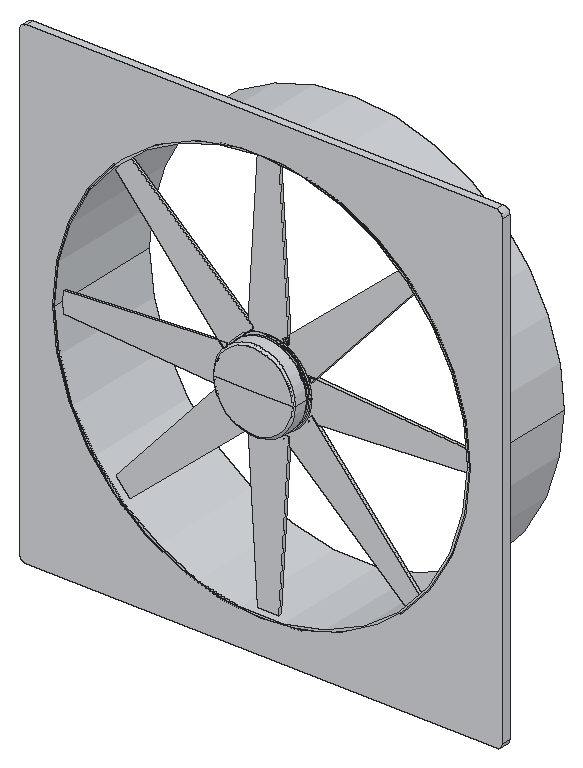
Revit family "CADS_Vent-Axia_MechEquip_Fan_ESP_3Ph8P - SUPPLY", category Mechanical Equipment, Revit 2020
Family settings
  Round Connector Dimension = Use Diameter
  Part Type = Normal
  OmniClass Number = 23.75.00.00
  OmniClass Title = Climate Control (HVAC)
  Work Plane-Based = No
  Always vertical = Yes
  Cut with Voids When Loaded = No
  Shared = No
  Room Calculation Point = No
Parameters (values of type "T100_ESP100038")
  WorkingPressure = 0.0 Pa
  WarrantyStartDate [instance] = "1900-12-31T23:59:59"
  WarrantyPeriod = ""
  WarrantyIdentifier = "N/A"
  WarrantyGuarantorParts = "tech@vent-axia.com"
  WarrantyGuarantorLabor = "tech@vent-axia.com"
  WarrantyGuarantor = "Vent-Axia Limited"
  WarrantyEndDate [instance] = "1900-12-31T23:59:59"
  WarrantyContent = ""
  TemperatureRange = ""
  TagNumber [instance] = "N/A"
  SustainabilityPerformance = ""
  Status = "New"
  Size = ""
  Shape = ""
  ServiceLifeType = ""
  ServiceLifeDuration = ""
  SerialNumber [instance] = "N/A"
  ReplacementCost = ""
  RatedVoltage = 0 V
  RatedCurrent = 0 A
  Quantity = 1
  ProductionYear = ""
  PressureCurve = ""
  PowerFactor = ""
  PointOfContact = ""
  NumberOfPoles = 0
  NominalWidth = 1170 mm
  NominalLength = 284 mm
  NominalHeight = 1170 mm
  NominalFrequencyRange = ""
  NominalDiameter = 1000 mm
  ModelReference = "AXIAL PLATE FAN 1000DIA 3PH 8 POLE"
  ModelNumber = "T100_ESP100038"
  Material = ""
  ManufacturerE-Mail = "tech@vent-axia.com"
  ManufacturerAddress = "Fleming Way\nCrawley \nRH10 9YX"
  IsExtendedWarranty = no
  InsulationStandardClass = ""
  InstallationDate [instance] = "1900-12-31T23:59:59"
  IfcExportType [instance] = ""
  IfcExportAs = "IfcFanType"
  IP_Code = ""
  HasProtectiveEarth = no
  GrossWeight = 0.00 kg
  Grade = ""
  GlobalTradeItemNumber [instance] = "N/A"
  G = 20 mm
  Fitting Type = "Ignore"
  Finish = ""
  Features = ""
  ExteriorInsulation = no
  ExpectedServiceLife = 0
  Exclusions = ""
  E = 40 mm
  DurationUnit = "Year"
  Default Elevation = 0 mm
  Constituents = ""
  ConductorFunction = ""
  Color = ""
  CodePerformance = ""
  Category = ""
  CADS_Usage = 0
  CADS_Index = 0
  AssetType = "FIXED"
  AssetIdentifier [instance] = "N/A"
  AssemblyPlace = "UNKNOWN"
  ArticleNumber [instance] = "N/A"
  AirflowRateRange = 0.0 L/s
  Air Flow [instance] = 0.0 L/s
  AccessibilityPerformance = ""
  A = 1170 mm
Types (3, lengths in mm): name | NominalWidth | NominalLength | NominalHeight | NominalDiameter | ModelReference | ModelNumber | G | E | A
  T100_ESP100038 | 1170 | 284 | 1170 | 1000 | "AXIAL PLATE FAN 1000DIA 3PH 8 POLE" | "T100_ESP100038" | 20 | 40 | 1170
  T100_ESP63038 | 805 | 142.5 | 805 | 630 | "AXIAL PLATE FAN 630DIA 3PH 8 POLE" | "T100_ESP63038" | 20 | 82 | 805
  T100_ESP80038 | 970 | 244 | 970 | 800 | "AXIAL PLATE FAN 800DIA 3PH 8 POLE" | "T100_ESP80038" | 17 | 34 | 970
Reference planes
  plane 1 "Center (Front/Back)": y = 0
  plane 2: z = 0
  plane 3 "Center (Left/Right)": x = 0
  plane 4: x = -500
  plane 5: x = 500
  plane 6 "F": y = -20
  plane 7 "B": y = 264
  plane 8: x = -585
  plane 9: x = -505
  plane 10 "top": z = 500
  plane 11: z = -500
  plane 12: x = 585
  plane 13: z = 585
  plane 14: z = -585
Forms (mm)
  Revolve 1, solid
    sketch origin (0, 0, 0) x (1, 0, 0) y (0, 1, 0)
      loop
        line (-505, -20) -> (-500, -20) -> (-500, 264) -> (-505, 264) -> (-505, -20)
      axis (0, 264) -> (0, -20)
    angle from 0 to 360
  Extrusion 2, solid
    sketch origin (0, 0, 0) x (1, 0, 0) y (0, 0, 1)
      loop
        arc (-570, 585) -> (-580.607, 580.607) -> (-585, 570) r 15
        line (-585, 570) -> (-585, -570)
        arc (-585, -570) -> (-580.607, -580.607) -> (-570, -585) r 15
        line (-570, -585) -> (570, -585)
        arc (570, -585) -> (580.607, -580.607) -> (585, -570) r 15
        line (585, -570) -> (585, 570)
        arc (585, 570) -> (580.607, 580.607) -> (570, 585) r 15
        line (570, 585) -> (-570, 585)
      loop
        circle (0, 0) r 505
    from 0 to 20 <- "G"
Dimensions and locks
  equal spacing: plane 4, plane 3 "Center (Left/Right)", plane 5
  "NominalLength": plane 7 "B" to plane 6 "F"
  "NominalDiameter": plane 4 to plane 5
  locked: plane 9 to plane 4 at 5
  equal spacing: plane 10 "top", level, plane 11
  "NominalDiameter": plane 10 "top" to plane 11
  equal spacing: plane 12, plane 3 "Center (Left/Right)", plane 8
  "A": plane 12 to plane 8
  equal spacing: plane 13, level, plane 14
  "A": plane 13 to plane 14
  "G": plane 6 "F" to plane 1 "Center (Front/Back)"
  aligned and locked: level to plane 2
  aligned and locked: Extrusion 2 sketch curve to Revolve 1  (x2)
Automatic sketch dimensions
  plane 6 "F" to Revolve 1 sketch curve = 0 mm
  Revolve 1 sketch curve to plane 4 = 0 mm
  Revolve 1 sketch curve to plane 3 "Center (Left/Right)" = 0 mm
  plane 1 "Center (Front/Back)" to Revolve 1 sketch curve = 0 mm
  Revolve 1 sketch curve to plane 7 "B" = 0 mm
  plane 6 "F" to Revolve 1 sketch curve = 115 mm
  Revolve 1 sketch curve to plane 9 = 0 mm
  Extrusion 2 sketch curve to plane 8 = 0 mm
  Extrusion 2 sketch curve to plane 13 = 0 mm
  Extrusion 2 sketch curve to plane 14 = 0 mm
  plane 12 to Extrusion 2 sketch curve = 0 mm
  plane 8 to Extrusion 2 sketch curve = 15 mm  (x2)
  plane 12 to Extrusion 2 sketch curve = 15 mm  (x2)
Nested families
  nested 1: "Fan for ESP" at (0, 0, 0), ND <- "NominalDiameter", BE <- "E", type "Fan for ESP"
    with hub 100 mm, ND 1000 mm, BoltPCD 80 mm, Bolt Count 8, B_Diam 10 mm, BE 40 mm
  nested 2: "ESC Blade" at (0, 0, 0), type "ESC Blade"
    with a 20.00°, HR 100 mm, HD 200 mm, BT 50 mm, BR 400 mm, BH 40 mm, BD 1000 mm, BB 100 mm
  nested 3: "ESC Blade" at (0, 0, 0) x (0.7071, 0, -0.7071) z (0.7071, 0, 0.7071), type "ESC Blade"
    with a 20.00°, HR 100 mm, HD 200 mm, BT 50 mm, BR 400 mm, BH 40 mm, BD 1000 mm, BB 100 mm
  nested 4: "ESC Blade" at (0, 0, 0) x (0, 0, -1) z (1, 0, 0), type "ESC Blade"
    with a 20.00°, HR 100 mm, HD 200 mm, BT 50 mm, BR 400 mm, BH 40 mm, BD 1000 mm, BB 100 mm
  nested 5: "ESC Blade" at (0, 0, 0) x (-0.7071, 0, -0.7071) z (0.7071, 0, -0.7071), type "ESC Blade"
    with a 20.00°, HR 100 mm, HD 200 mm, BT 50 mm, BR 400 mm, BH 40 mm, BD 1000 mm, BB 100 mm
  nested 6: "ESC Blade" at (0, 0, 0) x (-1, 0, 0) z (0, 0, -1), type "ESC Blade"
    with a 20.00°, HR 100 mm, HD 200 mm, BT 50 mm, BR 400 mm, BH 40 mm, BD 1000 mm, BB 100 mm
  nested 7: "ESC Blade" at (0, 0, 0) x (-0.7071, 0, -0.7071) z (-0.7071, 0, 0.7071), type "ESC Blade"
    with a 20.00°, HR 100 mm, HD 200 mm, BT 50 mm, BR 400 mm, BH 40 mm, BD 1000 mm, BB 100 mm
  nested 8: "ESC Blade" at (0, 0, 0) x (0, 0, -1) z (-1, 0, 0), type "ESC Blade"
    with a 20.00°, HR 100 mm, HD 200 mm, BT 50 mm, BR 400 mm, BH 40 mm, BD 1000 mm, BB 100 mm
  nested 9: "ESC Blade" at (0, 0, 0) x (0.7071, 0, -0.7071) z (-0.7071, 0, -0.7071), type "ESC Blade"
    with a 20.00°, HR 100 mm, HD 200 mm, BT 50 mm, BR 400 mm, BH 40 mm, BD 1000 mm, BB 100 mm
Connectors
  hvac at (0, -20, 0), driven by "NominalDiameter", driven by "Air Flow"
    settings: on Revolve 1, index 1, duct flow 0.0 L/s, flow factor 0, pres drop 0.0 Pa, loss coef 0, conn angle 0.00°, conn width 304.8 mm, conn height 304.8 mm, conn diameter 1000 mm, duct sys type 1, conn prof type 0, flow config 1, flow direction 1, loss method 0, conn ref index -1, conn util no, is conn primary yes, conn desc ""
  hvac at (0, 264, 0), driven by "NominalDiameter", driven by "Air Flow"
    settings: on Revolve 1, index 2, duct flow 0.0 L/s, flow factor 0, pres drop 0.0 Pa, loss coef 0, conn angle 0.00°, conn width 304.8 mm, conn height 304.8 mm, conn diameter 1000 mm, duct sys type 1, conn prof type 0, flow config 0, flow direction 2, loss method 0, conn ref index -1, conn util no, is conn primary no, conn desc ""
Definition of nested family "Fan for ESP"
  Parameters (values of type "Fan for ESP")
    hub [instance] = ND / 10  # 25.1 mm
    ND [instance] = 251 mm
    Model = "."
    Default Elevation = 0 mm
    BoltPCD [instance] = hub - (hub * 0.2)  # 20.08 mm
    Bolt Count [instance] = if(hub < 50 mm, 6, 8)  # 6
    B_Diam [instance] = if(hub < 50 mm, 5 mm, 10 mm)  # 5 mm
    BE [instance] = 84 mm
  Reference planes
    plane 1 "Center (Front/Back)": y = 0
    plane 2: z = 0
    plane 3 "Center (Left/Right)": x = 0
    plane 4 "back": y = 20
    plane 5 "boss": y = -89
    plane 6 "B": z = 25.1
    plane 7: x = -30.1
    plane 8: x = -25.1
    plane 9 "hubface": y = -5
    plane 10: x = -20.1
    plane 11: y = -84
  Forms (mm)
    Revolve 1, solid
      sketch origin (0, 0, 0) x (1, 0, 0) y (0, 1, 0)
        loop
          line (0, -5) -> (0, 10.504) -> (-30.1, 10.504) -> (-30.1, -2.597) -> (-25.1, -2.597) -> (-25.1, -5) -> (0, -5)
        axis (0, 10.504) -> (0, -5)
      angle from 0 to 360
    Extrusion 2, solid, not visible
      sketch origin (0, -6.347, -4) x (-1, 0, 0) y (0, 0, 1)
        loop
          circle (0, 84) r 5
      from 0 to 3
    Revolve 3, solid
      sketch origin (0, 0, 0) x (1, 0, 0) y (0, 1, 0)
        loop
          line (-20.1, -5) -> (-25.1, -10) -> (-25.1, -84) -> (-20.1, -89) -> (0, -89) -> (0, -5) -> (-20.1, -5)
        axis (0, -5) -> (0, -89)
      angle from 0 to 360
  Lines and regions (mm)
    symbolic lines
      curve 1: circle (0, -89, 0) r 20.08 normal (0, 1, 0)
    model lines, not visible
      curve 2: line (0, -6.347, 85) -> (0, -6.347, 75)
  Dimensions and locks
    "hub": plane 6 "B" to plane 2
    "hub": nested 3 to plane 3 "Center (Left/Right)"
    "hub": nested 4 to plane 3 "Center (Left/Right)"
    "hub": nested 5 to plane 3 "Center (Left/Right)"
    "hub": plane 3 "Center (Left/Right)" to nested 6
    "hub": plane 3 "Center (Left/Right)" to nested 7
    "hub": plane 3 "Center (Left/Right)" to nested 8
    "hub": plane 3 "Center (Left/Right)" to nested 9
    "hub": plane 8 to plane 3 "Center (Left/Right)"
    plane 7 to plane 8 = 5 mm
    "BE": plane 5 "boss" to plane 9 "hubface"
    locked: plane 11 to plane 5 "boss" at 5
    plane 8 to plane 10 = 5 mm
    locked: plane 9 "hubface" to plane 1 "Center (Front/Back)" at 5
    diameter of Extrusion 2 sketch curve = 10 mm
    "BoltPCD": radius of curve 1
    aligned and locked: level to plane 2
    aligned and locked: plane 6 "B" to nested 1
  Automatic sketch dimensions
    Revolve 1 sketch curve to plane 7 = 0 mm
    Revolve 1 sketch curve to plane 8 = 0 mm
    Revolve 1 sketch curve to plane 3 "Center (Left/Right)" = 0 mm  (x2)
    Revolve 1 sketch curve to plane 9 "hubface" = 0 mm
    plane 1 "Center (Front/Back)" to Revolve 1 sketch curve = 2.597 mm
    plane 4 "back" to Revolve 1 sketch curve = 5 mm
    plane 4 "back" to Revolve 1 sketch curve = 9.496 mm
    Revolve 1 sketch curve to Revolve 1 sketch curve = 54.496 mm
    Revolve 3 sketch curve to plane 8 = 0 mm
    Revolve 3 sketch curve to plane 5 "boss" = 0 mm
    Revolve 3 sketch curve to plane 10 = 0 mm  (x2)
    Revolve 3 sketch curve to plane 9 "hubface" = 0 mm
    Revolve 3 sketch curve to plane 3 "Center (Left/Right)" = 0 mm  (x2)
    Revolve 3 sketch curve to plane 11 = 0 mm
    Revolve 3 sketch curve to plane 9 "hubface" = 5 mm
    plane 4 "back" to Revolve 3 sketch curve = 4.08 mm
    Revolve 3 sketch curve to plane 4 "back" = 3.828 mm
    curve 1 to level = 0 mm
    curve 1 to plane 3 "Center (Left/Right)" = 0 mm
  Nested families
    nested 1: "ESC Blade" at (0, 0, 0), BD <- "ND", HD <- "hub", type "ESC Blade"
      with a 20.00°, HR 25.1 mm, HD 50.2 mm, BT 12.55 mm, BR 100.4 mm, BH 40 mm, BD 251 mm, BB 25.1 mm
    nested 2: "ESC Blade" at (0, 0, 755), BD <- "ND", HD <- "hub", type "ESC Blade", not visible
      with a 20.00°, HR 25.1 mm, HD 50.2 mm, BT 12.55 mm, BR 100.4 mm, BH 40 mm, BD 251 mm, BB 25.1 mm
    nested 3: "ESC Blade" at (0, 0, 0) x (0.7071, 0, -0.7071) z (0.7071, 0, 0.7071), BD <- "ND", HD <- "hub", type "ESC Blade"
      with a 20.00°, HR 25.1 mm, HD 50.2 mm, BT 12.55 mm, BR 100.4 mm, BH 40 mm, BD 251 mm, BB 25.1 mm
    nested 4: "ESC Blade" at (0, 0, 0) x (0, 0, -1) z (1, 0, 0), BD <- "ND", HD <- "hub", type "ESC Blade"
      with a 20.00°, HR 25.1 mm, HD 50.2 mm, BT 12.55 mm, BR 100.4 mm, BH 40 mm, BD 251 mm, BB 25.1 mm
    nested 5: "ESC Blade" at (0, 0, 0) x (-0.7071, 0, -0.7071) z (0.7071, 0, -0.7071), BD <- "ND", HD <- "hub", type "ESC Blade"
      with a 20.00°, HR 25.1 mm, HD 50.2 mm, BT 12.55 mm, BR 100.4 mm, BH 40 mm, BD 251 mm, BB 25.1 mm
    nested 6: "ESC Blade" at (0, 0, 0) x (-1, 0, 0) z (0, 0, -1), BD <- "ND", HD <- "hub", type "ESC Blade"
      with a 20.00°, HR 25.1 mm, HD 50.2 mm, BT 12.55 mm, BR 100.4 mm, BH 40 mm, BD 251 mm, BB 25.1 mm
    nested 7: "ESC Blade" at (0, 0, 0) x (-0.7071, 0, -0.7071) z (-0.7071, 0, 0.7071), BD <- "ND", HD <- "hub", type "ESC Blade"
      with a 20.00°, HR 25.1 mm, HD 50.2 mm, BT 12.55 mm, BR 100.4 mm, BH 40 mm, BD 251 mm, BB 25.1 mm
    nested 8: "ESC Blade" at (0, 0, 0) x (0, 0, -1) z (-1, 0, 0), BD <- "ND", HD <- "hub", type "ESC Blade"
      with a 20.00°, HR 25.1 mm, HD 50.2 mm, BT 12.55 mm, BR 100.4 mm, BH 40 mm, BD 251 mm, BB 25.1 mm
    nested 9: "ESC Blade" at (0, 0, 0) x (0.7071, 0, -0.7071) z (-0.7071, 0, -0.7071), BD <- "ND", HD <- "hub", type "ESC Blade"
      with a 20.00°, HR 25.1 mm, HD 50.2 mm, BT 12.55 mm, BR 100.4 mm, BH 40 mm, BD 251 mm, BB 25.1 mm
  Definition of nested family "ESC Blade"
    Parameters (values of type "ESC Blade")
      a [instance] = 20.00°
      HR [instance] = HD / 2  # 30 mm
      HD [instance] = BD / 5  # 60 mm
      Default Elevation = 1219.2 mm
      BT [instance] = BD / 20  # 15 mm
      BR [instance] = (BD / 2) - HR  # 120 mm
      BH [instance] = 40 mm
      BD [instance] = 300 mm
      BB [instance] = BD / 10  # 30 mm
    Reference planes
      plane 1 "Center (Front/Back)": y = 0
      plane 2: z = 0
      plane 3 "Center (Left/Right)": x = 0
      plane 4 "Blade Bot": z = 30
      plane 5: x = -15
      plane 6: x = 15
      plane 7: x = -7.5
      plane 8: x = 7.5
    Forms (mm)
      Blend 1, solid
        base sketch origin (0, 0, 30) x (-1, 0, 0) y (0, -1, 0)
          loop
            line (15, 0) -> (-15, 0) -> (-15, -6) -> (15, -6) -> (15, 0)
        top sketch origin (0, 0, 30) x (-1, 0, 0) y (0, -1, 0)
          loop
            line (7.5, -6) -> (7.5, 0) -> (-7.5, 0) -> (-7.5, -6) -> (7.5, -6)
        from 0 to 120 <- "BR"
    Dimensions and locks
      "HR": plane 4 "Blade Bot" to level
      equal spacing: plane 8, plane 3 "Center (Left/Right)", plane 7
      "BT": plane 8 to plane 7
      equal spacing: plane 6, plane 3 "Center (Left/Right)", plane 5
      "BB": plane 6 to plane 5
      aligned and locked: level to plane 2
    Automatic sketch dimensions
      plane 1 "Center (Front/Back)" to Blend 1 sketch curve = 0 mm  (x2)
      Blend 1 sketch curve to plane 6 = 0 mm
      Blend 1 sketch curve to plane 5 = 0 mm
      Blend 1 sketch curve to plane 1 "Center (Front/Back)" = 6 mm  (x2)
      Blend 1 sketch curve to plane 8 = 0 mm
      Blend 1 sketch curve to plane 7 = 0 mm
Definition of nested family "ESC Blade"
  Parameters (values of type "ESC Blade")
    a [instance] = 20.00°
    HR [instance] = HD / 2  # 30 mm
    HD [instance] = BD / 5  # 60 mm
    Default Elevation = 1219.2 mm
    BT [instance] = BD / 20  # 15 mm
    BR [instance] = (BD / 2) - HR  # 120 mm
    BH [instance] = 40 mm
    BD [instance] = 300 mm
    BB [instance] = BD / 10  # 30 mm
  Reference planes
    plane 1 "Center (Front/Back)": y = 0
    plane 2: z = 0
    plane 3 "Center (Left/Right)": x = 0
    plane 4 "Blade Bot": z = 30
    plane 5: x = -15
    plane 6: x = 15
    plane 7: x = -7.5
    plane 8: x = 7.5
  Forms (mm)
    Blend 1, solid
      base sketch origin (0, 0, 30) x (-1, 0, 0) y (0, -1, 0)
        loop
          line (15, 0) -> (-15, 0) -> (-15, -6) -> (15, -6) -> (15, 0)
      top sketch origin (0, 0, 30) x (-1, 0, 0) y (0, -1, 0)
        loop
          line (7.5, -6) -> (7.5, 0) -> (-7.5, 0) -> (-7.5, -6) -> (7.5, -6)
      from 0 to 120 <- "BR"
  Dimensions and locks
    "HR": plane 4 "Blade Bot" to level
    equal spacing: plane 8, plane 3 "Center (Left/Right)", plane 7
    "BT": plane 8 to plane 7
    equal spacing: plane 6, plane 3 "Center (Left/Right)", plane 5
    "BB": plane 6 to plane 5
    aligned and locked: level to plane 2
  Automatic sketch dimensions
    plane 1 "Center (Front/Back)" to Blend 1 sketch curve = 0 mm  (x2)
    Blend 1 sketch curve to plane 6 = 0 mm
    Blend 1 sketch curve to plane 5 = 0 mm
    Blend 1 sketch curve to plane 1 "Center (Front/Back)" = 6 mm  (x2)
    Blend 1 sketch curve to plane 8 = 0 mm
    Blend 1 sketch curve to plane 7 = 0 mm
